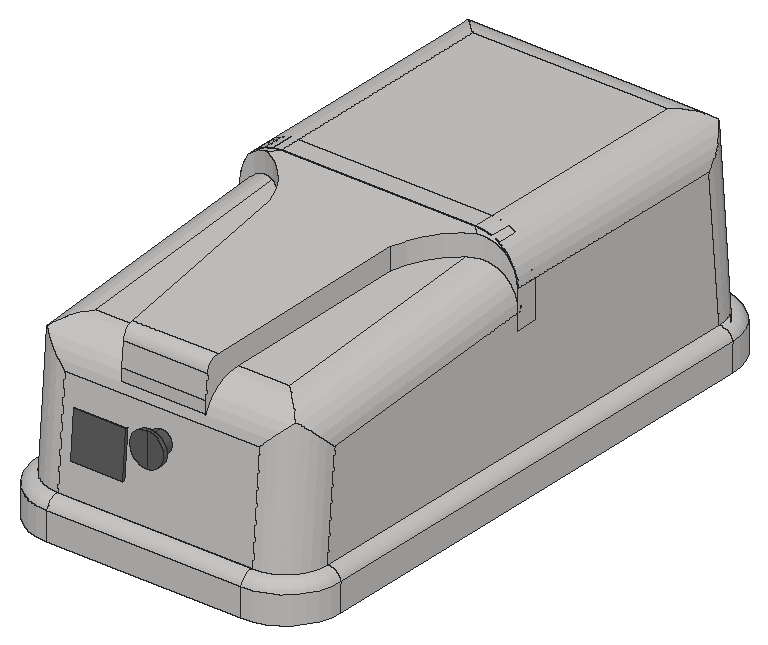
Revit family
Parameters
  offset [instance] = 0' - 0"
  Warranty Duration (Years) = 0
  Unit Width = 0' - 5 1/2"
  Unit Height = 0' - 10 13/16"
  Unit Depth = 0' - 4"
  URL = "http://www.americanspecialties.com/viewCategories.cfm"
  Specification = "http://www.arcat.com/sdspecs/htm/10810asi.htm"
  SpecWizard = ""
  Send Message = "http://www.arcat.com/users.pl?action=UserEmail&company=American%20Specialties,%20Inc.&coid=30448&rep=139&fax=914-476-0688&mf="
  Sales Information = "http://www.americanspecialties.com/contact"
  Revision = "R1_8-2011"
  Product Properties = "http://www.americanspecialties.com/datasheets/20365.pdf"
  Product Data = "http://www.arcat.com/arcatcos/cos30/arc30448.html"
  Model = "20365"
  Manufacturer Website = "http://www.americanspecialties.com/viewCategories.cfm"
  Manufacturer Phone - Toll Free = ""
  Manufacturer Phone = "914-476-9000 "
  Manufacturer Fax = "914-476-0688"
  Manufacturer Address = "441 Saw Mill River Rd., Yonkers, NY 10701"
  Manufacturer = "American Specialties, Inc."
  Maintenance Schedule (Months) = 0
  Keynote = "10 28 13"
  Installation-Fabrication = "http://www.americanspecialties.com/products.cfm"
  Installation Phase = ""
  Green Building-LEED = "http://www.arcat.com/green/clients/leed_data_30448.html"
  Expected Lifespan (Years) = 0
  Drawn By = "Sumex Design, Inc. / Robert S. Weygant, CSI, CDT, SCIP"
  Description = "ASI 20365 Roval Collection Foam Soap Dispenser"
  Default Elevation = 4' - 0"
  Copyright = "©Arcat Inc."
  Construction Details = "http://www.americanspecialties.com/products.cfm"
  Body Material = Metal - Satin Stainless Steel
  Assembly Code = "C1030210"
  Accent Material = Plastic - Black
Reference planes (in)
  plane 1 "Center (Front/Back)": y = 0
  plane 2 "Mount Surface": z = 0
  plane 3 "Center (Left/Right)": x = 0
  plane 4 "Bottom Edge": y = -5.40625
  plane 5 "Shelf Surface": y = 5.40625
  plane 6 "Left": x = -2.75
  plane 7 "Right": x = 2.75
  plane 8 "Front": z = 4
  plane 9 "5 degree": through (0, -5.40625, 4) normal (0, -0.9962, -0.0872)
Forms (in)
  Extrusion 1, solid, material "Metal - Satin Stainless Steel" <- "Body Material"
    sketch origin (0, 0, 0) x (1, 0, 0) y (0, 1, 0)
      loop
        arc (-1.75, 5.40625) -> (-2.45711, 5.11336) -> (-2.75, 4.40625) r 1
        line (-2.75, 4.40625) -> (-2.75, -4.40625)
        arc (-2.75, -4.40625) -> (-2.45711, -5.11336) -> (-1.75, -5.40625) r 1
        line (-1.75, -5.40625) -> (1.75, -5.40625)
        arc (1.75, -5.40625) -> (2.45711, -5.11336) -> (2.75, -4.40625) r 1
        line (2.75, -4.40625) -> (2.75, 4.40625)
        arc (2.75, 4.40625) -> (2.45711, 5.11336) -> (1.75, 5.40625) r 1
        line (1.75, 5.40625) -> (-1.75, 5.40625)
    from 0 to 0.5
  Sweep 2, solid, material "Metal - Satin Stainless Steel" <- "Body Material"
    path in 3D
      loop
        arc (-1.75, 5.40625, 0.5) -> (-2.45711, 5.11336, 0.5) -> (-2.75, 4.40625, 0.5) r 1
        line (-2.75, 4.40625, 0.5) -> (-2.75, -4.40625, 0.5)
        arc (-2.75, -4.40625, 0.5) -> (-2.45711, -5.11336, 0.5) -> (-1.75, -5.40625, 0.5) r 1
        line (-1.75, -5.40625, 0.5) -> (1.75, -5.40625, 0.5)
        arc (1.75, -5.40625, 0.5) -> (2.45711, -5.11336, 0.5) -> (2.75, -4.40625, 0.5) r 1
        line (2.75, -4.40625, 0.5) -> (2.75, 4.40625, 0.5)
        arc (2.75, 4.40625, 0.5) -> (2.45711, 5.11336, 0.5) -> (1.75, 5.40625, 0.5) r 1
        line (1.75, 5.40625, 0.5) -> (-1.75, 5.40625, 0.5)
    profile origin (0, 5.40625, 0.5) x (0, -1, 0) y (0, 0, 1)
      loop
        arc (0.25, 0.1875) -> (0.09375, 0.13542) -> (0, 0) r 0.26042
        line (0, 0) -> (0.25, 0) -> (0.25, 0.1875)
  Extrusion 3, solid, material "Metal - Satin Stainless Steel" <- "Body Material"
    sketch origin (0, 0, 0) x (1, 0, 0) y (0, 0, 1)
      loop
        line (-2.5, 0.5) -> (2.5, 0.5) -> (2.5, 4) -> (-2.5, 4) -> (-2.5, 0.5)
    from -5.15625 to 5.40625
  Extrusion 4, void
    sketch origin (0, 0, 0) x (0, 1, 0) y (0, 0, 1)
      loop
        line (-0.125, 4) -> (4.1792, 4)
        arc (4.1792, 4) -> (4.68589, 3.80296) -> (4.92634, 3.31537) r 0.75
        line (4.92634, 3.31537) -> (5.15625, 0.6875) -> (5.15625, -0.5625) -> (6.09375, -0.5625) -> (6.09375, 4.4375) -> (-6.15625, 4.4375) -> (-6.15625, -0.5625) -> (-5.15625, -0.5625) -> (-5.15625, 0.6875) -> (-4.99093, 2.57716)
        arc (-4.99093, 2.57716) -> (-4.77411, 3.04212) -> (-4.30915, 3.25893) r 0.75
        line (-4.30915, 3.25893) -> (-0.125, 3.625) -> (-0.125, 4)
    from -2.75 to 2.75
  Extrusion 5, solid, material "Metal - Satin Stainless Steel" <- "Body Material"
    sketch origin (0, 0, 0) x (0, 1, 0) y (0, 0, 1)
      loop
        line (-0.125, 4) -> (-4.69404, 3.60026)
        arc (-4.69404, 3.60026) -> (-4.84903, 3.52799) -> (-4.9213, 3.373) r 0.25
        line (-4.9213, 3.373) -> (-4.99093, 2.5771) -> (0.25804, 2.5771) -> (0.25804, 4) -> (-0.125, 4)
    from -2.75 to 2.75
  Extrusion 6, void
    sketch origin (0, -5.03934, -0.19375) x (0, 0.087156, -0.996195) y (1, 0, 0)
      loop
        line (-3.37591, -2.5) -> (-2.62591, -2.5)
        arc (-2.62591, -2.5) -> (-3.15624, -2.28033) -> (-3.37591, -1.75) r 0.75
        line (-3.37591, -1.75) -> (-3.37591, -2.5)
      loop
        line (-3.37591, 2.5) -> (-3.37591, 1.75)
        arc (-3.37591, 1.75) -> (-3.15624, 2.28033) -> (-2.62591, 2.5) r 0.75
        line (-2.62591, 2.5) -> (-3.37591, 2.5)
    from -5.22672 to 12
  Extrusion 7, void
    sketch origin (0, 0, 0) x (1, 0, 0) y (0, 1, 0)
      loop
        line (-0.75, -4.95787) -> (-1.07683, -1.22214)
        arc (-1.07683, -1.22214) -> (-1.6043, -0.43474) -> (-2.5, -0.125) r 1.4893
        line (-2.5, -0.125) -> (-2.5, 0.25804) -> (-3.57661, 0.25804) -> (-3.57661, -5.40625) -> (3.14756, -5.40625) -> (3.14756, 0.25804) -> (2.5, 0.25804) -> (2.5, -0.125)
        arc (2.5, -0.125) -> (1.6043, -0.43474) -> (1.07683, -1.22214) r 1.4893
        line (1.07683, -1.22214) -> (0.75, -4.95787) -> (-0.75, -4.95787)
    from 0 to 12
  Extrusion 8, void
    sketch origin (0, 0, 0) x (1, 0, 0) y (0, 0, 1)
      loop
        line (-1.75, 4) -> (-1.75, 4.18444) -> (-2.63503, 4.18444) -> (-2.63503, 3.25) -> (-2.5, 3.25)
        arc (-2.5, 3.25) -> (-2.28033, 3.78033) -> (-1.75, 4) r 0.75
    from -24 to 24
  Extrusion 9, void
    sketch origin (0, 0.07646, -0.41162) x (1, 0, 0) y (0, 0.996195, 0.087156)
      loop
        arc (-2.5, 4.40625) -> (-2.28033, 4.93658) -> (-1.75, 5.15625) r 0.75
        line (-1.75, 5.15625) -> (-1.75, 5.58164) -> (-2.94881, 5.58164) -> (-2.94881, 4.40625) -> (-2.5, 4.40625)
      loop
        line (2.5, 4.40625) -> (2.85418, 4.40625) -> (2.85418, 5.58164) -> (1.75, 5.58164) -> (1.75, 5.15625)
        arc (1.75, 5.15625) -> (2.28033, 4.93658) -> (2.5, 4.40625) r 0.75
    from -24 to 24
  Extrusion 10, void
    sketch origin (0, -0.07836, -0.43332) x (1, 0, 0) y (0, 0.996195, -0.087156)
      loop
        line (-2.5, -4.40625) -> (-3, -4.40625) -> (-3, -5.65625) -> (-1.75, -5.65625) -> (-1.75, -5.15625)
        arc (-1.75, -5.15625) -> (-2.28033, -4.93658) -> (-2.5, -4.40625) r 0.75
      loop
        arc (2.5, -4.40625) -> (2.28033, -4.93658) -> (1.75, -5.15625) r 0.75
        line (1.75, -5.15625) -> (1.75, -5.65625) -> (3, -5.65625) -> (3, -4.40625) -> (2.5, -4.40625)
    from -24 to 24
  Extrusion 11, void
    sketch origin (0, 0, 0) x (1, 0, 0) y (0, 0, 1)
      loop
        arc (-2.5, 3.25) -> (-2.28033, 3.78033) -> (-1.75, 4) r 0.75
        line (-1.75, 4) -> (-1.75, 4.28893) -> (-2.88411, 4.28893) -> (-2.88411, 3.25) -> (-2.5, 3.25)
      loop
        line (2.5, 3.25) -> (2.88411, 3.25) -> (2.88411, 4.28893) -> (1.75, 4.28893) -> (1.75, 4)
        arc (1.75, 4) -> (2.28033, 3.78033) -> (2.5, 3.25) r 0.75
    from -24 to 24
  Revolve 12, solid, material "Plastic - Black" <- "Accent Material"
    sketch origin (0, -0.07813, 0) x (0, 1, 0) y (0, 0, 1)
      loop
        line (-4.70047, 2.07247) -> (-4.70047, 2.27235) -> (-5.20047, 2.27235) -> (-5.20047, 2.38039) -> (-5.26455, 2.38039) -> (-5.26455, 2.07247) -> (-4.70047, 2.07247)
      axis (-4.70047, 2.07247) -> (-5.26455, 2.07247)
    angle from 0 to 360
  Extrusion 13, solid, material "Plastic - Black" <- "Accent Material"
    sketch origin (0, -0.04687, -0.3125) x (0, 1, 0) y (0, 0, 1)
      loop
        line (-4.92148, 1.55617) -> (-4.84959, 2.37792) -> (-5.0172, 2.39258) -> (-5.0891, 1.57084) -> (-4.92148, 1.55617)
    from -1.52892 to -0.59746
Cuts and joins
  Extrusion 7, Extrusion 8, Extrusion 9, Extrusion 10, Extrusion 11 cuts Extrusion 5
  Extrusion 4, Extrusion 6, Extrusion 9, Extrusion 10, Extrusion 11 cuts Extrusion 3
Lines and regions (in)
  sketch lines
    curve 1: line (1.75, 5.40625, 0.5) -> (-1.75, 5.40625, 0.5)
    curve 2: arc (-2.75, 4.40625, 0.5) -> (-2.45711, 5.11336, 0.5) -> (-1.75, 5.40625, 0.5) r 1
    curve 3: arc (1.75, 5.40625, 0.5) -> (2.45711, 5.11336, 0.5) -> (2.75, 4.40625, 0.5) r 1
    curve 4: line (2.75, -4.40625, 0.5) -> (2.75, 4.40625, 0.5)
    curve 5: line (-2.75, 4.40625, 0.5) -> (-2.75, -4.40625, 0.5)
    curve 6: arc (-1.75, -5.40625, 0.5) -> (-2.45711, -5.11336, 0.5) -> (-2.75, -4.40625, 0.5) r 1
    curve 7: line (-1.75, -5.40625, 0.5) -> (1.75, -5.40625, 0.5)
    curve 8: arc (2.75, -4.40625, 0.5) -> (2.45711, -5.11336, 0.5) -> (1.75, -5.40625, 0.5) r 1
Dimensions and locks (in)
  "Unit Width": plane 6 "Left" to plane 7 "Right"
  equal spacing: plane 6 "Left", plane 3 "Center (Left/Right)", plane 7 "Right"
  plane 5 "Shelf Surface" to plane 4 "Bottom Edge" = 0' - 10 13/16"
  equal spacing: plane 5 "Shelf Surface", plane 1 "Center (Front/Back)", plane 4 "Bottom Edge"
  "Unit Depth": plane 8 "Front" to level
  locked: Sweep 2 sketch curve to plane 5 "Shelf Surface" at 0.25
  aligned and locked: Extrusion 1 sketch curve to plane 5 "Shelf Surface"
  aligned and locked: Extrusion 1 sketch curve to plane 7 "Right"
  aligned and locked: profile plane to Sweep 2 sketch curve
  aligned and locked: plane 8 "Front" to Extrusion 3 sketch curve
  aligned and locked: Extrusion 4 to plane 6 "Left"
  aligned and locked: plane 7 "Right" to Extrusion 4
  aligned and locked: Extrusion 5 to plane 6 "Left"
  aligned and locked: plane 7 "Right" to Extrusion 5
Automatic sketch dimensions
  Extrusion 1 sketch curve to plane 6 "Left" = 0' - 0"
  Extrusion 1 sketch curve to plane 4 "Bottom Edge" = 0' - 0"
  plane 6 "Left" to Extrusion 1 sketch curve = 0' - 1"  (x2)
  Extrusion 1 sketch curve to plane 7 "Right" = 0' - 1"
  Extrusion 1 sketch curve to plane 5 "Shelf Surface" = 0' - 1"
  Sweep 2 sketch curve to profile plane = 0' - 0"
  Sweep 2 sketch curve to profile plane = 0' - 0.07292"
  plane 6 "Left" to Extrusion 3 sketch curve = 0' - 0 1/4"
  Extrusion 3 sketch curve to plane 7 "Right" = 0' - 0 1/4"
  level to Extrusion 3 sketch curve = 0' - 0 1/2"
  Extrusion 4 sketch curve to plane 8 "Front" = 0' - 0"
  Extrusion 4 sketch curve to plane 4 "Bottom Edge" = 0' - 0 3/4"
  plane 4 "Bottom Edge" to Extrusion 4 sketch curve = 0' - 0 1/4"
  plane 4 "Bottom Edge" to Extrusion 4 sketch curve = 0' - 0.41532"
  Extrusion 4 sketch curve to Extrusion 4 sketch curve = 0' - 0.68178"  (x2)
  Extrusion 4 sketch curve to Extrusion 4 sketch curve = 0' - 0.06537"
  plane 1 "Center (Front/Back)" to Extrusion 4 sketch curve = 0' - 0 1/8"
  Extrusion 4 sketch curve to plane 5 "Shelf Surface" = 0' - 1.22705"
  Extrusion 4 sketch curve to plane 5 "Shelf Surface" = 0' - 0.47991"
  Extrusion 4 sketch curve to plane 5 "Shelf Surface" = 0' - 0 1/4"
  plane 5 "Shelf Surface" to Extrusion 4 sketch curve = 0' - 0 11/16"
  Extrusion 4 sketch curve to plane 8 "Front" = 0' - 0 3/8"
  Extrusion 4 sketch curve to plane 8 "Front" = 0' - 0.68463"
  Extrusion 4 sketch curve to plane 8 "Front" = 0' - 0.74107"
  level to Extrusion 4 sketch curve = 0' - 0 11/16"  (x2)
  Extrusion 4 sketch curve to level = 0' - 0 9/16"  (x2)
  plane 8 "Front" to Extrusion 4 sketch curve = 0' - 0 7/16"
  Extrusion 5 sketch curve to plane 8 "Front" = 0' - 0"
  plane 4 "Bottom Edge" to Extrusion 5 sketch curve = 0' - 0.41532"
  plane 4 "Bottom Edge" to Extrusion 5 sketch curve = 0' - 0.48495"
  Extrusion 5 sketch curve to plane 8 "Front" = 0' - 0.39974"
  Extrusion 5 sketch curve to Extrusion 5 sketch curve = 0' - 0.22726"  (x2)
  Extrusion 5 sketch curve to Extrusion 5 sketch curve = 0' - 0.02179"
  plane 1 "Center (Front/Back)" to Extrusion 5 sketch curve = 0' - 0 1/8"
  Extrusion 5 sketch curve to plane 1 "Center (Front/Back)" = 0' - 0.25804"
  Extrusion 5 sketch curve to plane 8 "Front" = 0' - 1.4229"
  plane 6 "Left" to Extrusion 6 sketch curve = 0' - 0 1/4"
  Extrusion 6 sketch curve to plane 7 "Right" = 0' - 0 1/4"
  Extrusion 6 sketch curve to Extrusion 6 sketch curve = 0' - 0"
  Extrusion 6 sketch curve to Extrusion 6 sketch curve = 0' - 0 3/4"  (x2)
  Extrusion 7 sketch curve to plane 4 "Bottom Edge" = 0' - 0"
  Extrusion 7 sketch curve to plane 1 "Center (Front/Back)" = 0' - 0.25804"  (x2)
  Extrusion 7 sketch curve to plane 6 "Left" = 0' - 0.82661"
  plane 6 "Left" to Extrusion 7 sketch curve = 0' - 0.23641"
  plane 6 "Left" to Extrusion 7 sketch curve = 0' - 0 1/4"
  Extrusion 7 sketch curve to plane 3 "Center (Left/Right)" = 0' - 1.07683"
  Extrusion 7 sketch curve to plane 3 "Center (Left/Right)" = 0' - 0 3/4"
  plane 3 "Center (Left/Right)" to Extrusion 7 sketch curve = 0' - 0 3/4"
  plane 3 "Center (Left/Right)" to Extrusion 7 sketch curve = 0' - 1.07683"
  Extrusion 7 sketch curve to plane 7 "Right" = 0' - 0 1/4"
  Extrusion 7 sketch curve to plane 7 "Right" = 0' - 0.23641"
  plane 7 "Right" to Extrusion 7 sketch curve = 0' - 0.39756"
  plane 4 "Bottom Edge" to Extrusion 7 sketch curve = 0' - 0.44838"
  plane 1 "Center (Front/Back)" to Extrusion 7 sketch curve = 0' - 1.61424"  (x2)
  plane 1 "Center (Front/Back)" to Extrusion 7 sketch curve = 0' - 1.22214"  (x2)
  Extrusion 8 sketch curve to plane 8 "Front" = 0' - 0"
  plane 6 "Left" to Extrusion 8 sketch curve = 0' - 0.11497"
  Extrusion 8 sketch curve to Extrusion 8 sketch curve = 0' - 0.13503"
  Extrusion 8 sketch curve to Extrusion 8 sketch curve = 0' - 0.88503"
  plane 8 "Front" to Extrusion 8 sketch curve = 0' - 0.18444"
  Extrusion 9 sketch curve to plane 6 "Left" = 0' - 0.19881"
  plane 6 "Left" to Extrusion 9 sketch curve = 0' - 0 1/4"
  plane 6 "Left" to Extrusion 9 sketch curve = 0' - 1"
  Extrusion 9 sketch curve to plane 7 "Right" = 0' - 1"
  Extrusion 9 sketch curve to plane 7 "Right" = 0' - 0 1/4"
  plane 7 "Right" to Extrusion 9 sketch curve = 0' - 0.10418"
  Extrusion 9 sketch curve to plane 9 "5 degree" = 0' - 9.4836"
  Extrusion 9 sketch curve to Extrusion 9 sketch curve = 0' - 0"
  Extrusion 9 sketch curve to Extrusion 9 sketch curve = 0' - 1.17539"
  Extrusion 9 sketch curve to Extrusion 9 sketch curve = 0' - 0.42539"
  Extrusion 10 sketch curve to plane 6 "Left" = 0' - 0 1/4"
  plane 6 "Left" to Extrusion 10 sketch curve = 0' - 0 1/4"
  plane 6 "Left" to Extrusion 10 sketch curve = 0' - 1"
  Extrusion 10 sketch curve to plane 7 "Right" = 0' - 1"
  Extrusion 10 sketch curve to plane 7 "Right" = 0' - 0 1/4"
  plane 7 "Right" to Extrusion 10 sketch curve = 0' - 0 1/4"
  Extrusion 10 sketch curve to Extrusion 10 sketch curve = 0' - 0"
  Extrusion 10 sketch curve to Extrusion 10 sketch curve = 0' - 0 1/2"  (x2)
  Extrusion 11 sketch curve to plane 8 "Front" = 0' - 0"  (x2)
  Extrusion 11 sketch curve to plane 6 "Left" = 0' - 0.13411"
  plane 6 "Left" to Extrusion 11 sketch curve = 0' - 0 1/4"
  plane 6 "Left" to Extrusion 11 sketch curve = 0' - 1"
  plane 8 "Front" to Extrusion 11 sketch curve = 0' - 0.28893"  (x2)
  Extrusion 11 sketch curve to plane 7 "Right" = 0' - 1"
  Extrusion 11 sketch curve to plane 7 "Right" = 0' - 0 1/4"
  plane 7 "Right" to Extrusion 11 sketch curve = 0' - 0.13411"
  plane 9 "5 degree" to Revolve 12 sketch curve = 0' - 0.07783"
  Revolve 12 sketch curve to plane 4 "Bottom Edge" = 0' - 1.544"
  plane 4 "Bottom Edge" to Revolve 12 sketch curve = 0' - 0.06357"
  Revolve 12 sketch curve to Revolve 12 sketch curve = 0' - 0.06408"
  Revolve 12 sketch curve to Revolve 12 sketch curve = 0' - 0 1/2"
  plane 1 "Center (Front/Back)" to Revolve 12 sketch curve = 0' - 2.04513"
  Revolve 12 sketch curve to Revolve 12 sketch curve = 0' - 0.10804"
  Revolve 12 sketch curve to Revolve 12 sketch curve = 0' - 0.19988"
  Revolve 12 sketch curve to Revolve 12 sketch curve = 0' - 0"
  plane 4 "Bottom Edge" to Extrusion 13 sketch curve = 0' - 0.27028"
  plane 4 "Bottom Edge" to Extrusion 13 sketch curve = 0' - 0.34217"
  Extrusion 13 sketch curve to Extrusion 13 sketch curve = 0' - 0.16762"
  level to Extrusion 13 sketch curve = 0' - 1.24367"
  Extrusion 13 sketch curve to Extrusion 13 sketch curve = 0' - 0.01466"
